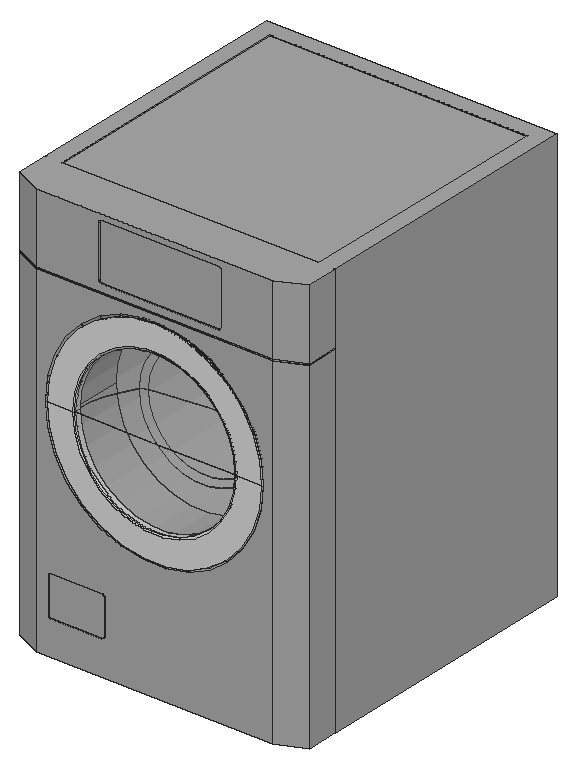
Revit family "Washing_Machine", category Specialty Equipment, Revit 2021
Family settings
  Round Connector Dimension = Use Diameter
  Part Type = Normal
  OmniClass Number = 23.45.70.11
  OmniClass Title = Laundry Equipment
  Work Plane-Based = No
  Always vertical = Yes
  Cut with Voids When Loaded = No
  Shared = No
  Room Calculation Point = No
Parameters (values of type "GCWP1069 - 120V Washer")
  Width = 27.00787"  # constant formula
  Weight = 191.00 lbf
  Watts = 530 W
  Water Outlet Description = "Connection for Water Drainage"  # constant formula
  Water Inlet Diameter = 3/4"
  Water Inlet Description 2 = "Connection for Cold Water Inlet"  # constant formula
  Water Inlet Description 1 = "Connection for Hot Water Inlet"  # constant formula
  Water Drain Diameter = 1 1/2"
  Water Consumption = 13.4 gal
  Voltage = 120 V
  URL = "http://www.continentalgirbau.com/"
  Product data url = "https://bimobject.com/continental-girbau/product/continentalgirbau-0011"
  Product Page URL = "http://www.continentalgirbau.com/opl/commercial-lg-dryers.html"
  Product Documentation Link = "http://www.continentalgirbau.com/pdf/equipment/specs/LG-OPLWashA.pdf"
  Power Factor = 1
  Number of Poles = 1
  Model = "GCWP1069"
  Minimum Operating Pressure = 14.50 psi
  Maximum Operating Pressure = 116.00 psi
  Manufacturer = "Continental Girbau"
  Machine Finish = Metal - Continental Girbau - Platinum Finished Steel
  Load Classification = Power
  Hot Water Inlet Flow = 6.2 GPM
  Height = 38.70079"  # constant formula
  Frequency = 60 Hz
  Drainage Flow = 0 GPM
  Door Window Material = Glass - Continental Girbau - Clear
  Door Finish = Plastic - Continental Girbau - Chrome
  Description = "LG High-Efficiency, Front-Load, Platinum Washer for On-Premise Laundries"  # constant formula
  Depth = 29.96063"  # constant formula
  Default Elevation = 0"
  Connector Description = "Connector for Electrical Power"  # constant formula
  Cold Water Inlet Flow = 6.2 GPM
  Assembly Code = "E1010610"
  Apparent Load = 15 VA
Reference planes (in)
  plane 1 "Center (Front/Back)": y = 0
  plane 2: z = 0
  plane 3 "Center (Left/Right)": x = 0
  plane 4: z = 0
  plane 5: z = 38.70079
  plane 6: x = -13.50394
  plane 7: x = 13.50394
  plane 8: y = 14.98031
  plane 9: y = -14.98031
  plane 10: z = 21.24835
  plane 11: y = 6.7974
  plane 12: y = -10.84646
  plane 13: y = -9.71047
Forms (in)
  Extrusion 1, solid, material "Metal - Continental Girbau - Platinum Finished Steel" <- "Machine Finish", detail levels medium+fine
    sketch origin (0, 0, 0) x (1, 0, 0) y (0, 1, 0)
      loop
        line (-13.50394, 14.98031) -> (-13.50394, -14.98031) -> (13.50394, -14.98031) -> (13.50394, 14.98031) -> (-13.50394, 14.98031)
    from 0 to 38.70079
  Extrusion 2, void
    sketch origin (0, 0, 0) x (1, 0, 0) y (0, 1, 0)
      loop
        line (-13.50394, -13.79921) -> (-13.50394, -14.98031) -> (-10.97105, -14.98031) -> (-13.50394, -13.79921)
      loop
        line (13.50394, -13.79921) -> (10.97105, -14.98031) -> (13.50394, -14.98031) -> (13.50394, -13.79921)
    from 0 to 38.70079
  Revolve 3, void
    sketch origin (-23.94392, -180, 21.24835) x (-1, 0, 0) y (0, -1, 0)
      loop
        line (-23.94392, -165.01969) -> (-23.94392, -165.61024) -> (-15.20967, -165.61024)
        arc (-15.20967, -165.61024) -> (-14.45245, -165.38028) -> (-13.748, -165.01969) r 4.44492
        line (-13.748, -165.01969) -> (-23.94392, -165.01969)
      axis (-23.94392, -165.61024) -> (-23.94392, -165.01969)
    angle from 0 to 360
  Revolve 4, solid, material "Plastic - Continental Girbau - Chrome" <- "Door Finish", detail levels medium+fine
    sketch origin (-23.94392, -180, 21.24835) x (-1, 0, 0) y (0, -1, 0)
      loop
        arc (-15.20967, -165.61024) -> (-14.54344, -165.41828) -> (-13.91663, -165.12193) r 4.30799
        arc (-13.91663, -165.12193) -> (-13.91505, -165.06255) -> (-13.93706, -165.00738) r 0.14724
        line (-13.93706, -165.00738) -> (-16.31211, -165.00738)
        arc (-16.31211, -165.00738) -> (-16.41725, -165.06259) -> (-16.46841, -165.16975) r 0.18825
        line (-16.46841, -165.16975) -> (-16.46841, -165.61024) -> (-15.20967, -165.61024)
      axis (-23.94392, -165.61024) -> (-23.94392, -165.00738)
    angle from 0 to 360
  Revolve 5, solid, material "Glass - Continental Girbau - Clear" <- "Door Window Material", detail levels medium+fine
    sketch origin (-23.94392, -180, 21.24835) x (-1, 0, 0) y (0, -1, 0)
      loop
        line (-23.94392, -164.89558) -> (-23.94392, -171.62002)
        arc (-23.94392, -171.62002) -> (-21.27007, -171.40948) -> (-18.6235, -170.97425) r 31.78243
        arc (-18.6235, -170.97425) -> (-18.30049, -170.84143) -> (-18.04733, -170.60084) r 0.94974
        arc (-18.04733, -170.60084) -> (-16.84706, -168.2261) -> (-16.44392, -165.59599) r 8.45845
        line (-16.44392, -165.59599) -> (-16.44392, -165.03393)
        arc (-16.44392, -165.03393) -> (-20.19326, -164.92897) -> (-23.94392, -164.89558) r 196.5724
      axis (-23.94392, -171.62002) -> (-23.94392, -164.89558)
    angle from 0 to 360
  Sweep 6, void
    path origin (0, 0, 26.5748) x (1, 0, 0) y (0, 1, 0)
      loop
        line (-13.50394, -10.84646) -> (-13.50394, -13.79921) -> (-10.97105, -14.98031) -> (10.97105, -14.98031) -> (13.50394, -13.79921) -> (13.50394, -10.84646)
    profile origin (-13.50394, -12.32283, 26.5748) x (1, 0, 0) y (0, 0, 1)
      loop
        line (0, 5.4065) -> (0.11073, 5.4065) -> (0.11073, 5.57874) -> (0, 5.57874) -> (0, 5.4065)
  Extrusion 7, void
    sketch origin (0, 0, 0) x (1, 0, 0) y (0, 1, 0)
      loop
        line (-13.50394, -10.84646) -> (-13.39321, -10.84646) -> (-13.39321, -10.76856) -> (-13.50394, -10.76856) -> (-13.50394, -10.84646)
      loop
        line (13.50394, -10.84646) -> (13.50394, -10.76856) -> (13.39321, -10.76856) -> (13.39321, -10.84646) -> (13.50394, -10.84646)
    from 0 to 38.70079
  Revolve 8, void
    sketch origin (-23.94392, -180, 21.24835) x (-1, 0, 0) y (0, -1, 0)
      loop
        line (-23.94392, -186.7974) -> (-12.9203, -186.7974) -> (-12.9203, -170.28953) -> (-16.06991, -170.28953) -> (-16.06991, -165.61024) -> (-23.94392, -165.61024) -> (-23.94392, -186.7974)
      axis (-23.94392, -186.7974) -> (-23.94392, -165.61024)
    angle from 0 to 360
  Extrusion 9, void
    sketch origin (0, 0, 0) x (1, 0, 0) y (0, 0, 1)
      loop
        arc (-9.90056, 3.47772) -> (-9.82734, 3.30094) -> (-9.65056, 3.22772) r 0.25
        line (-9.65056, 3.22772) -> (-4.90056, 3.22772)
        arc (-4.90056, 3.22772) -> (-4.72378, 3.30094) -> (-4.65056, 3.47772) r 0.25
        line (-4.65056, 3.47772) -> (-4.65056, 6.72772)
        arc (-4.65056, 6.72772) -> (-4.72378, 6.90449) -> (-4.90056, 6.97772) r 0.25
        line (-4.90056, 6.97772) -> (-9.65056, 6.97772)
        arc (-9.65056, 6.97772) -> (-9.82734, 6.90449) -> (-9.90056, 6.72772) r 0.25
        line (-9.90056, 6.72772) -> (-9.90056, 3.47772)
      loop
        arc (-9.65056, 6.94647) -> (-9.80524, 6.88239) -> (-9.86931, 6.72772) r 0.21875
        line (-9.86931, 6.72772) -> (-9.86931, 3.47772)
        arc (-9.86931, 3.47772) -> (-9.80524, 3.32304) -> (-9.65056, 3.25897) r 0.21875
        line (-9.65056, 3.25897) -> (-4.90056, 3.25897)
        arc (-4.90056, 3.25897) -> (-4.74588, 3.32304) -> (-4.68181, 3.47772) r 0.21875
        line (-4.68181, 3.47772) -> (-4.68181, 6.72772)
        arc (-4.68181, 6.72772) -> (-4.74588, 6.88239) -> (-4.90056, 6.94647) r 0.21875
        line (-4.90056, 6.94647) -> (-9.65056, 6.94647)
    from 14.86536 to 14.98031
  Extrusion 10, void
    sketch origin (0, 0, 0) x (1, 0, 0) y (0, 0, 1)
      loop
        line (-5.21453, 37.89955) -> (-5.21453, 33.14955)
        arc (-5.21453, 33.14955) -> (-5.13556, 32.9589) -> (-4.94491, 32.87993) r 0.26962
        line (-4.94491, 32.87993) -> (5.99259, 32.87993)
        arc (5.99259, 32.87993) -> (6.18324, 32.9589) -> (6.26221, 33.14955) r 0.26962
        line (6.26221, 33.14955) -> (6.26221, 37.89955)
        arc (6.26221, 37.89955) -> (6.18324, 38.0902) -> (5.99259, 38.16918) r 0.26962
        line (5.99259, 38.16918) -> (-4.94491, 38.16918)
        arc (-4.94491, 38.16918) -> (-5.13556, 38.0902) -> (-5.21453, 37.89955) r 0.26962
    from 14.91801 to 25.88296
  Extrusion 11, solid, material "Metal - Continental Girbau - Platinum Finished Steel" <- "Machine Finish", detail levels coarse
    sketch origin (0, 0, 0) x (1, 0, 0) y (0, 1, 0)
      loop
        line (13.50394, 14.98031) -> (-13.50394, 14.98031) -> (-13.50394, -13.79921) -> (-10.97105, -14.98031) -> (10.97105, -14.98031) -> (13.50394, -13.79921) -> (13.50394, 14.98031)
    from 0 to 38.70079
  Extrusion 12, void
    sketch origin (0, 0, 0) x (1, 0, 0) y (0, 1, 0)
      loop
        line (12.00394, 13.48031) -> (-12.00394, 13.48031) -> (-12.00394, -10.84646) -> (12.00394, -10.84646) -> (12.00394, 13.48031)
    from 38.61801 to 47.02043
  Extrusion 13, solid, material "Metal - Continental Girbau - Platinum Finished Steel" <- "Machine Finish"
    sketch origin (0, 0, 0) x (1, 0, 0) y (0, 0, 1)
      loop
        circle (-0.68484, 37.15079) r 0.375
      loop
        circle (0.68484, 37.15079) r 0.375
      loop
        line (12.00394, 31.7855) -> (11.00394, 31.7855) -> (11.00394, 31.0355) -> (12.00394, 31.0355) -> (12.00394, 31.7855)
      loop
        circle (-11.33778, 21.24835) r 0.75
    from -14.98031 to -15.48195
Cuts and joins
  Extrusion 2, Revolve 3, Sweep 6, Extrusion 7, Revolve 8, Extrusion 9, Extrusion 10, Extrusion 12 cuts Extrusion 1
Lines and regions (in)
  Masking region 1, detail levels coarse
    outline origin (0, 0, 0) x (1, 0, 0) y (0, 1, 0)
      loop
        line (13.50394, 14.98031) -> (-13.50394, 14.98031) -> (-13.50394, -14.98031) -> (13.50394, -14.98031) -> (13.50394, 14.98031)
  Masking region 2, detail levels medium+fine
    outline origin (0, 0, 0) x (1, 0, 0) y (0, 1, 0)
      loop
        line (-13.50394, -13.79921) -> (-10.97105, -14.98031) -> (10.97105, -14.98031) -> (13.50394, -13.79921) -> (13.50394, 14.98031) -> (-13.50394, 14.98031) -> (-13.50394, -13.79921)
  model lines, style "Controls", detail levels fine
    curve 1: line (-0.68484, -14.91801, 37.15079) -> (2.06516, -14.91801, 37.15079)
    curve 2: line (-0.68484, -14.91801, 36.15079) -> (-0.68484, -14.91801, 37.15079)
    curve 3: line (2.06516, -14.91801, 36.15079) -> (-0.68484, -14.91801, 36.15079)
    curve 4: line (2.06516, -14.91801, 37.15079) -> (2.06516, -14.91801, 36.15079)
    curve 5: line (3.21991, -14.91801, 37.5385) -> (4.21686, -14.91801, 37.5385)
    curve 6: line (3.21991, -14.91801, 37.15079) -> (3.21991, -14.91801, 37.5385)
    curve 7: line (4.21686, -14.91801, 37.15079) -> (3.21991, -14.91801, 37.15079)
    curve 8: line (4.21686, -14.91801, 37.5385) -> (4.21686, -14.91801, 37.15079)
    curve 9: line (3.21991, -14.91801, 36.976) -> (4.21686, -14.91801, 36.976)
    curve 10: line (3.21991, -14.91801, 36.58829) -> (3.21991, -14.91801, 36.976)
    curve 11: line (4.21686, -14.91801, 36.58829) -> (3.21991, -14.91801, 36.58829)
    curve 12: line (4.21686, -14.91801, 36.976) -> (4.21686, -14.91801, 36.58829)
    curve 13: line (3.21991, -14.91801, 36.4135) -> (4.21686, -14.91801, 36.4135)
    curve 14: line (3.21991, -14.91801, 36.02579) -> (3.21991, -14.91801, 36.4135)
    curve 15: line (4.21686, -14.91801, 36.02579) -> (3.21991, -14.91801, 36.02579)
    curve 16: line (4.21686, -14.91801, 36.4135) -> (4.21686, -14.91801, 36.02579)
    curve 17: line (3.21991, -14.91801, 35.851) -> (4.21686, -14.91801, 35.851)
    curve 18: line (3.21991, -14.91801, 35.46329) -> (3.21991, -14.91801, 35.851)
    curve 19: line (4.21686, -14.91801, 35.46329) -> (3.21991, -14.91801, 35.46329)
    curve 20: line (4.21686, -14.91801, 35.851) -> (4.21686, -14.91801, 35.46329)
    curve 21: line (3.21991, -14.91801, 35.2885) -> (4.21686, -14.91801, 35.2885)
    curve 22: line (3.21991, -14.91801, 34.90079) -> (3.21991, -14.91801, 35.2885)
    curve 23: line (4.21686, -14.91801, 34.90079) -> (3.21991, -14.91801, 34.90079)
    curve 24: line (4.21686, -14.91801, 35.2885) -> (4.21686, -14.91801, 34.90079)
    curve 25: line (3.21991, -14.91801, 34.2885) -> (4.96686, -14.91801, 34.2885)
    curve 26: line (3.21991, -14.91801, 33.90079) -> (3.21991, -14.91801, 34.2885)
    curve 27: line (4.96686, -14.91801, 33.90079) -> (3.21991, -14.91801, 33.90079)
    curve 28: line (4.21686, -14.91801, 34.2885) -> (4.21686, -14.91801, 33.90079)
    curve 29: line (4.96686, -14.91801, 34.2885) -> (4.96686, -14.91801, 33.90079)
  model lines, style "Clothes Washer", detail levels fine
    curve 30: line (13.50394, -10.84646, 38.70079) -> (12.00394, -10.84646, 38.70079)
    curve 31: line (-12.00394, -10.84646, 38.70079) -> (-13.50394, -10.84646, 38.70079)
  symbolic lines, style "Clothes Washer", detail levels fine
    curve 32: line (-12.00394, 13.48031, 0) -> (-12.00394, -10.84646, 0)
    curve 33: line (12.00394, 13.48031, 0) -> (-12.00394, 13.48031, 0)
    curve 34: line (12.00394, -10.84646, 0) -> (12.00394, 13.48031, 0)
    curve 35: line (-12.00394, -10.84646, 0) -> (12.00394, -10.84646, 0)
    curve 36: line (13.50394, -10.84646, 0) -> (12.00394, -10.84646, 0)
    curve 37: line (-12.00394, -10.84646, 0) -> (-13.50394, -10.84646, 0)
Dimensions and locks (in)
  locked: plane 4 to level at 0
  "Height": plane 5 to plane 4
  equal spacing: plane 7, plane 3 "Center (Left/Right)", plane 6
  "Width": plane 7 to plane 6
  equal spacing: plane 8, plane 1 "Center (Front/Back)", plane 9
  "Depth": plane 8 to plane 9
  plane 9 to Extrusion 2 sketch curve to Extrusion 2 sketch curve to Extrusion 2 sketch curve to Extrusion 2 sketch curve = 0" locked, 0" locked, 1.1811" locked, 0" locked
  locked: plane 6 to Extrusion 2 sketch curve at 2.53288
  locked: Extrusion 2 sketch curve to plane 7 at 2.53288
  locked: plane 10 to plane 4 at 21.24835
  locked: plane 8 to plane 11 at 8.18291
  locked: plane 9 to plane 12 at 4.13386
  locked: profile plane to Sweep 6 sketch curve at 0.11073
  Sweep 6 sketch curve to Sweep 6 sketch curve to profile plane = 0.17224" locked, 5.4065" locked
  locked: plane 12 to Extrusion 7 sketch curve at 0.0779  (x2)
  locked: Revolve 5 sketch curve to Revolve 5 sketch curve at 7.5
  Revolve 4 sketch curve to Revolve 4 sketch curve to Revolve 4 sketch curve to Revolve 4 sketch curve to Revolve 4 sketch curve to Revolve 4 sketch curve = 0.02044" locked, 1.27261" locked, 1.10244" locked, 0.1563" locked, 7.47551" locked
  Revolve 4 sketch curve to plane 9 to Revolve 4 sketch curve to Revolve 4 sketch curve to Revolve 4 sketch curve = 0.0123" locked, 0.10225" locked, 0.04782" locked, 0.44048" locked
  locked: plane 11 to plane 13 at 16.50787
  locked: plane 13 to Revolve 8 sketch curve at 4.67929
  Revolve 8 sketch curve to Revolve 8 sketch curve to plane 3 "Center (Left/Right)" to Revolve 8 sketch curve = 3.14961" locked, 7.87402" locked, 0" locked
  Extrusion 9 sketch curve to Extrusion 9 sketch curve to Extrusion 9 sketch curve to Extrusion 9 sketch curve to Extrusion 9 sketch curve to Extrusion 9 sketch curve to Extrusion 9 sketch curve to Extrusion 9 sketch curve to Extrusion 9 sketch curve to Extrusion 9 sketch curve to Extrusion 9 sketch curve to Extrusion 9 sketch curve = 1/32" locked, 7/32" locked, 0" locked, 0" locked, 0" locked, 4 3/4" locked, 0" locked, 0" locked, 0" locked, 7/32" locked, 1/32" locked
  Extrusion 9 sketch curve to Extrusion 9 sketch curve to Extrusion 9 sketch curve to Extrusion 9 sketch curve to Extrusion 9 sketch curve to Extrusion 9 sketch curve to Extrusion 9 sketch curve to Extrusion 9 sketch curve to Extrusion 9 sketch curve to Extrusion 9 sketch curve to Extrusion 9 sketch curve to Extrusion 9 sketch curve = 1/32" locked, 7/32" locked, 0" locked, 0" locked, 0" locked, 3 1/4" locked, 0" locked, 0" locked, 0" locked, 7/32" locked, 1/32" locked
  locked: plane 3 "Center (Left/Right)" to Extrusion 9 sketch curve at 4.68181
  locked: plane 10 to Extrusion 9 sketch curve at 14.30188
  plane 1 "Center (Front/Back)" to Extrusion 9 to plane 9 = 14.86536" locked, 0.11496" locked
  Extrusion 10 sketch curve to Extrusion 10 sketch curve to Extrusion 10 sketch curve to plane 3 "Center (Left/Right)" to Extrusion 10 sketch curve to Extrusion 10 sketch curve to Extrusion 10 sketch curve = 0.26962" locked, 0" locked, 5.99259" locked, 4.94491" locked, 0" locked, 0.26962" locked
  plane 5 to Extrusion 10 sketch curve to Extrusion 10 sketch curve to Extrusion 10 sketch curve to Extrusion 10 sketch curve to Extrusion 10 sketch curve to Extrusion 10 sketch curve = 0.53161" locked, 0.26962" locked, 0" locked, 4 3/4", 0", 0.26962"
  Extrusion 10 to plane 9 to Extrusion 10 = 0.0623" locked, 10.90265" locked
  locked: plane 8 to Extrusion 12 sketch curve at 1.5
  locked: plane 9 to Extrusion 12 sketch curve at 4.13386
  locked: plane 6 to Extrusion 12 sketch curve at 1.5
  locked: Extrusion 12 sketch curve to plane 7 at 1.5
  Extrusion 12 to plane 5 to Extrusion 12 = 8.31965" locked, 0.08277" locked
  Extrusion 13 sketch curve to Extrusion 13 sketch curve to plane 3 "Center (Left/Right)" to Extrusion 13 sketch curve to Extrusion 13 sketch curve = 3/4" locked, 0.30984" locked, 0.30984" locked, 3/4" locked
  Extrusion 13 sketch curve to Extrusion 13 sketch curve to plane 5 = 0" locked, 1.17499" locked
  equal spacing: Extrusion 13 sketch curve, Extrusion 13 sketch curve, plane 5
  plane 3 "Center (Left/Right)" to Extrusion 13 sketch curve to Extrusion 13 sketch curve = 10.58778" locked, 1 1/2" locked
  locked: plane 10 to Extrusion 13 sketch curve at 0.75
  plane 10 to Extrusion 13 sketch curve to Extrusion 13 sketch curve = 9.78715" locked, 3/4" locked
  Extrusion 13 sketch curve to Extrusion 13 sketch curve to plane 3 "Center (Left/Right)" = 1" locked, 11.00394" locked
  locked: Extrusion 13 to plane 8 at 0.50164
  aligned and locked: level to plane 2
  aligned and locked: Extrusion 1 sketch curve to plane 8
  aligned and locked: Extrusion 1 sketch curve to plane 6
  aligned and locked: Extrusion 1 sketch curve to plane 9
  aligned and locked: Extrusion 1 sketch curve to plane 7
  aligned and locked: plane 5 to Extrusion 1
  aligned and locked: Extrusion 1 to plane 4
  aligned and locked: plane 6 to Extrusion 2 sketch curve
  aligned and locked: Extrusion 2 sketch curve to plane 7
  aligned and locked: plane 5 to Extrusion 2
  aligned and locked: Extrusion 2 to plane 4
  aligned and locked: Revolve 3 sketch curve to plane 3 "Center (Left/Right)"
  aligned and locked: Revolve 4 sketch curve to plane 3 "Center (Left/Right)"
  aligned and locked: Revolve 5 sketch curve to plane 3 "Center (Left/Right)"
  aligned and locked: profile plane to Sweep 6 sketch curve
  aligned and locked: Sweep 6 sketch curve to plane 6
  aligned and locked: Sweep 6 sketch curve to cut or joined group 1 (Extrusion 1, Extrusion 2, Revolve 3, Sweep 6, Extrusion 7, Revolve 8, Extrusion 9, Extrusion 10, Extrusion 12)  (x4)
  aligned and locked: Extrusion 7 sketch curve to plane 6
  aligned and locked: cut or joined group 1 to Extrusion 7 sketch curve
  aligned and locked: Extrusion 7 sketch curve to plane 12  (x2)
  aligned and locked: Extrusion 7 sketch curve to cut or joined group 1
  aligned and locked: plane 7 to Extrusion 7 sketch curve
  aligned and locked: plane 5 to Extrusion 7
  aligned and locked: Extrusion 7 to plane 4
  aligned and locked: Revolve 8 sketch curve to plane 3 "Center (Left/Right)"
  aligned and locked: plane 11 to Revolve 8 sketch curve
  aligned and locked: Revolve 8 sketch curve to plane 13
  aligned and locked: plane 9 to Extrusion 9
  aligned and locked: Extrusion 11 sketch curve to cut or joined group 1  (x6)
  aligned and locked: plane 5 to Extrusion 11
  aligned and locked: Extrusion 11 to plane 4
  aligned and locked: Masking region 1 sketch curve to Extrusion 11  (x3)
  aligned and locked: Masking region 1 sketch curve to plane 9
  aligned and locked: Masking region 2 sketch curve to Extrusion 11  (x6)
  aligned and locked: curve 30 to plane 12
  aligned and locked: curve 31 to plane 12
  aligned and locked: curve 32 to cut or joined group 1
  aligned and locked: curve 33 to cut or joined group 1
  aligned and locked: curve 34 to cut or joined group 1
  aligned and locked: curve 35 to cut or joined group 1
  aligned and locked: curve 36 to curve 30
  aligned and locked: curve 37 to curve 31
  aligned and locked: plane 8 to Extrusion 13
Automatic sketch dimensions
  Revolve 3 sketch curve to plane 3 "Center (Left/Right)" = 0"
  plane 9 to Revolve 3 sketch curve = 0"
  plane 6 to Revolve 3 sketch curve = 5.67756"
  Revolve 3 sketch curve to plane 9 = 0.59055"
  Revolve 3 sketch curve to Revolve 3 sketch curve = 0.90787"
  Revolve 3 sketch curve to Revolve 3 sketch curve = 1.46167"
  plane 8 to Revolve 3 sketch curve = 45.01969"
  Revolve 3 sketch curve to Revolve 3 sketch curve = 41.25902"
  Revolve 4 sketch curve to plane 9 = 0.17346"
  Revolve 4 sketch curve to Revolve 4 sketch curve = 0.24672"
  Revolve 4 sketch curve to plane 9 = 0.06873"
  plane 8 to Revolve 4 sketch curve = 45.01969"
  Revolve 4 sketch curve to Revolve 4 sketch curve = 41.38809"
  Revolve 5 sketch curve to plane 3 "Center (Left/Right)" = 0"
  plane 3 "Center (Left/Right)" to Revolve 5 sketch curve = 0.9583"
  plane 3 "Center (Left/Right)" to Revolve 5 sketch curve = 1.15563"
  Revolve 5 sketch curve to plane 3 "Center (Left/Right)" = 1/8"
  Revolve 5 sketch curve to plane 13 = 0.24509"
  Revolve 5 sketch curve to Revolve 5 sketch curve = 2.37309"
  plane 13 to Revolve 5 sketch curve = 1.33049"
  plane 8 to Revolve 5 sketch curve = 166.48762"
  Revolve 5 sketch curve to plane 9 = 0.62578"
  Revolve 5 sketch curve to plane 9 = 0.5763"
  Revolve 5 sketch curve to plane 9 = 0.01425"
  Revolve 5 sketch curve to Revolve 5 sketch curve = 25.03697"
  Revolve 5 sketch curve to Revolve 5 sketch curve = 0"
  plane 8 to Revolve 5 sketch curve = 45.01969"
  Revolve 5 sketch curve to Revolve 5 sketch curve = 19.85861"
  Sweep 6 sketch curve to plane 12 = 0"
  plane 12 to Sweep 6 sketch curve = 0"
  plane 8 to Revolve 8 sketch curve = 45.01969"
  plane 9 to Revolve 8 sketch curve = 45.01969"
  curve 3 to Extrusion 10 = 2.01838"
  curve 3 to Extrusion 10 = 4.5297"
  curve 2 to curve 3 = 2 3/4"
  curve 1 to curve 5 = 1.15474"
  curve 27 to Extrusion 10 = 1.02087"
  curve 3 to curve 27 = 1.15474"
  curve 6 to curve 9 = 0"
  curve 23 to curve 25 = 0"
  curve 10 to curve 13 = 0"
  curve 19 to curve 21 = 0"  (x2)
  curve 14 to curve 16 = 0.99696"
  curve 15 to curve 17 = 0"
  curve 12 to curve 13 = 0"
  curve 8 to curve 9 = 0"
  curve 23 to curve 25 = 3/4"
  curve 25 to curve 24 = 0.61229"
  curve 23 to curve 24 = 0.38771"
  curve 21 to curve 20 = 0.17479"
  curve 19 to curve 20 = 0.38771"
  curve 17 to curve 14 = 0.17479"
  curve 14 to curve 13 = 0.38771"
  curve 13 to curve 10 = 0.17479"
  curve 11 to curve 12 = 0.38771"
  curve 9 to curve 6 = 0.17479"
  curve 2 to curve 2 = 1"
  curve 6 to curve 6 = 0.38771"
  curve 27 to curve 28 = 0.38771"
  curve 28 to curve 27 = 3/4"
  plane 6 to curve 30 = 25.50787"
  curve 30 to plane 7 = 0"
  curve 31 to plane 6 = 0"
  curve 30 to curve 31 = 25.50787"
  plane 6 to curve 33 = 1 1/2"
  curve 33 to plane 8 = 1 1/2"
  plane 7 to curve 33 = 1 1/2"
  curve 36 to plane 7 = 0"
  curve 37 to plane 6 = 0"
Connectors (in)
  electrical at (11.50394, 15.48195, 31.4105), driven by "Number of Poles", driven by "Load Classification", driven by "Voltage", driven by "Apparent Load", driven by "Power Factor", driven by "Connector Description"
    settings: on Extrusion 13, index 1, voltage 120 V, apparent load 15 VA, apparent load phase1 0 VA, apparent load phase2 0 VA, apparent load phase3 0 VA, power factor 1, load classification "Power", number of poles 1, system type 30, power factor state 1, is connector primary yes, connector utility no, sub classification motor no, connector description "Connector for Electrical Power"
  piping at (-0.68484, 15.48195, 37.15079), diameter 0.75, driven by "Water Inlet Description 1", driven by "Water Inlet Diameter", driven by "Hot Water Inlet Flow"
    settings: on Extrusion 13, index 2, connector inside diameter 24", connector length 0", flow factor 0, pipe flow 6.2 GPM, pressure drop 0.00 psi, fitting loss kfactor 0, connector angle 0.00°, fixture units 0, engagement length 0", angle of deflection 0.00°, flow configuration 0, flow direction 1, fitting loss method 0, system type 19, joint type 0, gender type 0, connector reference index -1, connector utility 0, adjustable connector no, is connector primary yes, connector description "Connection for Hot Water Inlet"
  piping at (0.68484, 15.48195, 37.15079), diameter 0.75, driven by "Cold Water Inlet Flow", driven by "Water Inlet Diameter", driven by "Water Inlet Description 2"
    settings: on Extrusion 13, index 3, connector inside diameter 24", connector length 0", flow factor 0, pipe flow 6.2 GPM, pressure drop 0.00 psi, fitting loss kfactor 0, connector angle 0.00°, fixture units 0, engagement length 0", angle of deflection 0.00°, flow configuration 0, flow direction 1, fitting loss method 0, system type 20, joint type 0, gender type 0, connector reference index -1, connector utility 0, adjustable connector no, is connector primary no, connector description "Connection for Cold Water Inlet"
  piping at (-11.33778, 15.48195, 21.24835), diameter 1.5, driven by "Water Outlet Description", driven by "Water Drain Diameter", driven by "Cold Water Inlet Flow"
    settings: on Extrusion 13, index 4, connector inside diameter 24", connector length 0", flow factor 0, pipe flow 6.2 GPM, pressure drop 0.00 psi, fitting loss kfactor 0, connector angle 0.00°, fixture units 0, engagement length 0", angle of deflection 0.00°, flow configuration 0, flow direction 2, fitting loss method 0, system type 22, joint type 0, gender type 0, connector reference index -1, connector utility 0, adjustable connector no, is connector primary no, connector description "Connection for Water Drainage"
